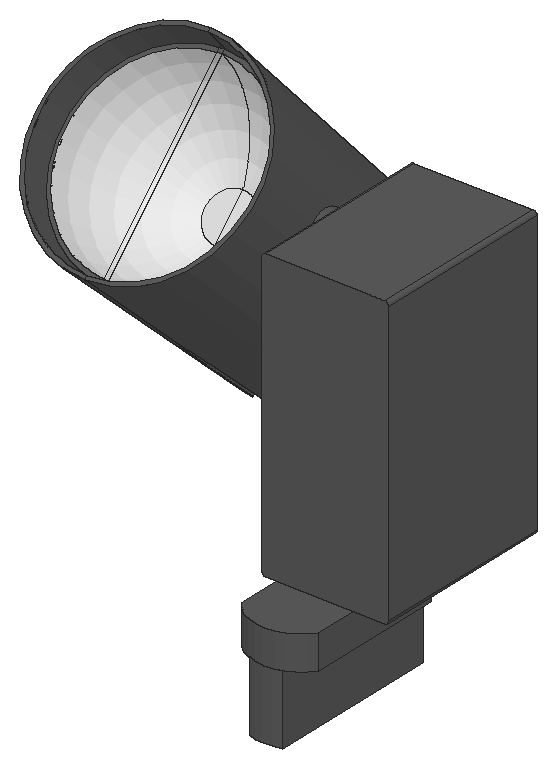
Revit family "0004948 Feilo Sylvania Lighting Fixture START TRACK SPOT S DALI 1352LM 940 WB BLK", category Lighting Fixtures, host Face, Revit 2017 (continued)
Definition of nested family "Start Track Spot Head"
  Types (96, lengths in mm): name | Wattage | built-in parameter 1150134 | Photometric Web File | Model | built-in parameter 1150105 | Lumens | built-in parameter 1150107 | built-in parameter 1150106 | HeadThickness_FEILO | HeadRibOffset_FEILO | HeadRibDepth_FEILO | HeadRibCutWidth_FEILO | HeadRibCutOffset_FEILO | HeadReflectorRadius_FEILO | HeadReflectorOffset_FEILO | HeadLEDRadius_FEILO | HeadHeight_FEILO | HeadDiffusorOffset_FEILO | HeadDiaOut_FEILO | HeadDiaIn_FEILO | HeadAxisFromTop_FEILO | Emit from Circle Diameter | built-in parameter 1150104 | Description | Apparent Load
    0004864 START TRACK SPOT S 24W 3K RA90 WB WHITE | 24 W | (empty or 0) | "0004864.ies" | "START TRACK SPOT S 24W 3K RA90 WB WHITE" | 152.79 (stored number, unit not read) | 1920 lm | 3000 (stored number, unit not read) | 1.5279 (stored number, unit not read) | 1.5 | 4.179 | 55.714 | 7.167 | 50.87 | 50.588 | 55.714 | 9.556 | 117 | 9.435 | 86 | 77.477 | 69.354 | 77.477 | 7.4322 (stored number, unit not read) | "Integrated LED spotlight, Textured White - RAL9016, compact and minimalist design, ideal for retail applications, die-cast aluminium body, passive cooling heatsink. Beam angle: 64°, color temperature: 3000K , total system power: 24W, total fixture output: 1928 lm, LOR: 100%, colour rendering: Ra: 90 typical, LED Chromaticity: 3 step MacAdam ellipse, lifetime: >50000 hours at L70B50, energy class: A++, A+, A, IR/UV free light source without heat radiation, operating voltage: 220-240V / 50-60Hz, drive current: 600mA, electronic driver, non-dimmable, power factor: 0.95, electrical protection: Class II, Global Track 3 Phase adapter suitable for Global trac 3-circuit tracks, ingress protection rating: IP20, suitable for internal environment only, horizontal rotation: 355°, vertical tilt: 90°, dimensions: Ø86x140x200, weight: 0.966kg." | 24 VA
    0004863 START TRACK SPOT S 24W 3K RA90 MB WHITE | 24 W | (empty or 0) | "0004863.ies" | "START TRACK SPOT S 24W 3K RA90 MB WHITE" | 154.7 (stored number, unit not read) | 1944 lm | 3000 (stored number, unit not read) | 1.547 (stored number, unit not read) | 1.5 | 4.179 | 55.714 | 7.167 | 50.87 | 50.588 | 55.714 | 9.556 | 117 | 9.435 | 86 | 77.477 | 69.354 | 77.477 | 7.5251 (stored number, unit not read) | "Integrated LED spotlight, Textured White - RAL9016, compact and minimalist design, ideal for retail applications, die-cast aluminium body, passive cooling heatsink. Beam angle: 36°, color temperature: 3000K , total system power: 24W, total fixture output: 1944 lm, LOR: 100%, colour rendering: Ra: 90 typical, LED Chromaticity: 3 step MacAdam ellipse, lifetime: >50000 hours at L70B50, energy class: A++, A+, A, IR/UV free light source without heat radiation, operating voltage: 220-240V / 50-60Hz, drive current: 600mA, electronic driver, non-dimmable, power factor: 0.95, electrical protection: Class II, Global Track 3 Phase adapter suitable for Global trac 3-circuit tracks, ingress protection rating: IP20, suitable for internal environment only, horizontal rotation: 355°, vertical tilt: 90°, dimensions: Ø86x140x200, weight: 0.966kg." | 24 VA
    0004862 START TRACK SPOT S 24W 3K RA90 NB WHITE | 24 W | (empty or 0) | "0004862.ies" | "START TRACK SPOT S 24W 3K RA90 NB WHITE" | 158.52 (stored number, unit not read) | 1992 lm | 3000 (stored number, unit not read) | 1.5852 (stored number, unit not read) | 1.5 | 4.179 | 55.714 | 7.167 | 50.87 | 50.588 | 55.714 | 9.556 | 117 | 9.435 | 86 | 77.477 | 69.354 | 77.477 | 7.711 (stored number, unit not read) | "Integrated LED spotlight, Textured White - RAL9016, compact and minimalist design, ideal for retail applications, die-cast aluminium body, passive cooling heatsink. Beam angle: 12°, color temperature: 3000K , total system power: 24W, total fixture output: 1987 lm, LOR: 100%, colour rendering: Ra: 90 typical, LED Chromaticity: 3 step MacAdam ellipse, lifetime: >50000 hours at L70B50, energy class: A++, A+, A, IR/UV free light source without heat radiation, operating voltage: 220-240V / 50-60Hz, drive current: 600mA, electronic driver, non-dimmable, power factor: 0.95, electrical protection: Class II, Global Track 3 Phase adapter suitable for Global trac 3-circuit tracks, ingress protection rating: IP20, suitable for internal environment only, horizontal rotation: 355°, vertical tilt: 90°, dimensions: Ø86x140x200, weight: 0.966kg." | 24 VA
    0004861 START TRACK SPOT S 14W 3K RA90 WB WHITE | 14 W | (empty or 0) | "0004861.ies" | "START TRACK SPOT S 14W 3K RA90 WB WHITE" | 100.27 (stored number, unit not read) | 1260 lm | 3000 (stored number, unit not read) | 1.0027 (stored number, unit not read) | 1.5 | 4.179 | 55.714 | 7.167 | 50.87 | 50.588 | 55.714 | 9.556 | 117 | 9.435 | 86 | 77.477 | 69.354 | 77.477 | 8.3613 (stored number, unit not read) | "Integrated LED spotlight, Textured White - RAL9016, compact and minimalist design, ideal for retail applications, die-cast aluminium body, passive cooling heatsink. Beam angle: 64°, color temperature: 3000K , total system power: 14W, total fixture output: 1262 lm, LOR: 100%, colour rendering: Ra: 90 typical, LED Chromaticity: 3 step MacAdam ellipse, lifetime: >50000 hours at L70B50, energy class: A++, A+, A, IR/UV free light source without heat radiation, operating voltage: 220-240V / 50-60Hz, drive current: 350mA, electronic driver, non-dimmable, power factor: 0.92, electrical protection: Class II, Global Track 3 Phase adapter suitable for Global trac 3-circuit tracks, ingress protection rating: IP20, suitable for internal environment only, horizontal rotation: 355°, vertical tilt: 90°, dimensions: Ø86x140x200, weight: 0.940kg." | 14 VA
    0004860 START TRACK SPOT S 14W 3K RA90 MB WHITE | 14 W | (empty or 0) | "0004860.ies" | "START TRACK SPOT S 14W 3K RA90 MB WHITE" | 100.27 (stored number, unit not read) | 1260 lm | 3000 (stored number, unit not read) | 1.0027 (stored number, unit not read) | 1.5 | 4.179 | 55.714 | 7.167 | 50.87 | 50.588 | 55.714 | 9.556 | 117 | 9.435 | 86 | 77.477 | 69.354 | 77.477 | 8.3613 (stored number, unit not read) | "Integrated LED spotlight, Textured White - RAL9016, compact and minimalist design, ideal for retail applications, die-cast aluminium body, passive cooling heatsink. Beam angle: 36°, color temperature: 3000K , total system power: 14W, total fixture output: 1262 lm, LOR: 100%, colour rendering: Ra: 90 typical, LED Chromaticity: 3 step MacAdam ellipse, lifetime: >50000 hours at L70B50, energy class: A++, A+, A, IR/UV free light source without heat radiation, operating voltage: 220-240V / 50-60Hz, drive current: 350mA, electronic driver, non-dimmable, power factor: 0.92, electrical protection: Class II, Global Track 3 Phase adapter suitable for Global trac 3-circuit tracks, ingress protection rating: IP20, suitable for internal environment only, horizontal rotation: 355°, vertical tilt: 90°, dimensions: Ø86x140x200, weight: 0.940kg." | 14 VA
    0004859 START TRACK SPOT S 14W 3K RA90 NB WHITE | 14 W | (empty or 0) | "0004859.ies" | "START TRACK SPOT S 14W 3K RA90 NB WHITE" | 102.5 (stored number, unit not read) | 1288 lm | 3000 (stored number, unit not read) | 1.025 (stored number, unit not read) | 1.5 | 4.179 | 55.714 | 7.167 | 50.87 | 50.588 | 55.714 | 9.556 | 117 | 9.435 | 86 | 77.477 | 69.354 | 77.477 | 8.5471 (stored number, unit not read) | "Integrated LED spotlight, Textured White - RAL9016, compact and minimalist design, ideal for retail applications, die-cast aluminium body, passive cooling heatsink. Beam angle: 12°, color temperature: 3000K , total system power: 14W, total fixture output: 1284 lm, LOR: 100%, colour rendering: Ra: 90 typical, LED Chromaticity: 3 step MacAdam ellipse, lifetime: >50000 hours at L70B50, energy class: A++, A+, A, IR/UV free light source without heat radiation, operating voltage: 220-240V / 50-60Hz, drive current: 350mA, electronic driver, non-dimmable, power factor: 0.92, electrical protection: Class II, Global Track 3 Phase adapter suitable for Global trac 3-circuit tracks, ingress protection rating: IP20, suitable for internal environment only, horizontal rotation: 355°, vertical tilt: 90°, dimensions: Ø86x140x200, weight: 0.940kg." | 14 VA
    0004858 START TRACK SPOT L 55W 4K RA80 WB BLACK | 55 W | 12 | "0004858.ies" | "START TRACK SPOT L 55W 4K RA80 WB BLACK" | 424.55 (stored number, unit not read) | 5335 lm | 4000 (stored number, unit not read) | 4.2455 (stored number, unit not read) | 2 | 4.429 | 59.048 | 9.417 | 53.913 | 66.471 | 59.048 | 12.556 | 124 | 10 | 113 | 101.802 | 73.503 | 101.802 | 9.0116 (stored number, unit not read) | "Integrated LED spotlight, Textured Black - RAL9005, compact and minimalist design, ideal for retail applications, die-cast aluminium body, passive cooling heatsink. Beam angle: 52°, color temperature: 4000K , total system power: 55W, total fixture output: 5320 lm, LOR: 100%, colour rendering: Ra: 80 typical, LED Chromaticity: 3 step MacAdam ellipse, lifetime: >50000 hours at L70B50, energy class: A++, A+, A, IR/UV free light source without heat radiation, operating voltage: 220-240V / 50-60Hz, drive current: 1400mA, electronic driver, non-dimmable, power factor: 0.96, electrical protection: Class II, Global Track 3 Phase adapter suitable for Global trac 3-circuit tracks, ingress protection rating: IP20, suitable for internal environment only, horizontal rotation: 355°, vertical tilt: 90°, dimensions: Ø113x164x240, weight: 1.398kg." | 55 VA
    0004857 START TRACK SPOT L 55W 4K RA80 MB BLACK | 55 W | 12 | "0004857.ies" | "START TRACK SPOT L 55W 4K RA80 MB BLACK" | 428.92 (stored number, unit not read) | 5390 lm | 4000 (stored number, unit not read) | 4.2892 (stored number, unit not read) | 2 | 4.429 | 59.048 | 9.417 | 53.913 | 66.471 | 59.048 | 12.556 | 124 | 10 | 113 | 101.802 | 73.503 | 101.802 | 9.1045 (stored number, unit not read) | "Integrated LED spotlight, Textured Black - RAL9005, compact and minimalist design, ideal for retail applications, die-cast aluminium body, passive cooling heatsink. Beam angle: 38°, color temperature: 4000K , total system power: 55W, total fixture output: 5378 lm, LOR: 100%, colour rendering: Ra: 80 typical, LED Chromaticity: 3 step MacAdam ellipse, lifetime: >50000 hours at L70B50, energy class: A++, A+, A, IR/UV free light source without heat radiation, operating voltage: 220-240V / 50-60Hz, drive current: 1400mA, electronic driver, non-dimmable, power factor: 0.96, electrical protection: Class II, Global Track 3 Phase adapter suitable for Global trac 3-circuit tracks, ingress protection rating: IP20, suitable for internal environment only, horizontal rotation: 355°, vertical tilt: 90°, dimensions: Ø113x164x240, weight: 1.398kg." | 55 VA
    0004856 START TRACK SPOT L 55W 4K RA80 NB BLACK | 55 W | 12 | "0004856.ies" | "START TRACK SPOT L 55W 4K RA80 NB BLACK" | 433.3 (stored number, unit not read) | 5445 lm | 4000 (stored number, unit not read) | 4.333 (stored number, unit not read) | 2 | 4.429 | 59.048 | 9.417 | 53.913 | 66.471 | 59.048 | 12.556 | 124 | 10 | 113 | 101.802 | 73.503 | 101.802 | 9.1974 (stored number, unit not read) | "Integrated LED spotlight, Textured Black - RAL9005, compact and minimalist design, ideal for retail applications, die-cast aluminium body, passive cooling heatsink. Beam angle: 15°, color temperature: 4000K , total system power: 55W, total fixture output: 5426 lm, LOR: 100%, colour rendering: Ra: 80 typical, LED Chromaticity: 3 step MacAdam ellipse, lifetime: >50000 hours at L70B50, energy class: A++, A+, A, IR/UV free light source without heat radiation, operating voltage: 220-240V / 50-60Hz, drive current: 1400mA, electronic driver, non-dimmable, power factor: 0.96, electrical protection: Class II, Global Track 3 Phase adapter suitable for Global trac 3-circuit tracks, ingress protection rating: IP20, suitable for internal environment only, horizontal rotation: 355°, vertical tilt: 90°, dimensions: Ø113x164x240, weight: 1.398kg." | 55 VA
    0004855 START TRACK SPOT L 35W 4K RA80 WB BLACK | 35 W | 12 | "0004855.ies" | "START TRACK SPOT L 35W 4K RA80 WB BLACK" | 320.3 (stored number, unit not read) | 4025 lm | 4000 (stored number, unit not read) | 3.203 (stored number, unit not read) | 2 | 4.429 | 59.048 | 9.417 | 53.913 | 66.471 | 59.048 | 12.556 | 124 | 10 | 113 | 101.802 | 73.503 | 101.802 | 10.684 (stored number, unit not read) | "Integrated LED spotlight, Textured Black - RAL9005, compact and minimalist design, ideal for retail applications, die-cast aluminium body, passive cooling heatsink. Beam angle: 52°, color temperature: 4000K , total system power: 35W, total fixture output: 4010 lm, LOR: 100%, colour rendering: Ra: 80 typical, LED Chromaticity: 3 step MacAdam ellipse, lifetime: >50000 hours at L70B50, energy class: A++, A+, A, IR/UV free light source without heat radiation, operating voltage: 220-240V / 50-60Hz, drive current: 900mA, electronic driver, non-dimmable, power factor: 0.93, electrical protection: Class II, Global Track 3 Phase adapter suitable for Global trac 3-circuit tracks, ingress protection rating: IP20, suitable for internal environment only, horizontal rotation: 355°, vertical tilt: 90°, dimensions: Ø113x164x240, weight: 1.368kg." | 35 VA
    0004854 START TRACK SPOT L 35W 4K RA80 MB BLACK | 35 W | 12 | "0004854.ies" | "START TRACK SPOT L 35W 4K RA80 MB BLACK" | 320.3 (stored number, unit not read) | 4025 lm | 4000 (stored number, unit not read) | 3.203 (stored number, unit not read) | 2 | 4.429 | 59.048 | 9.417 | 53.913 | 66.471 | 59.048 | 12.556 | 124 | 10 | 113 | 101.802 | 73.503 | 101.802 | 10.684 (stored number, unit not read) | "Integrated LED spotlight, Textured Black - RAL9005, compact and minimalist design, ideal for retail applications, die-cast aluminium body, passive cooling heatsink. Beam angle: 38°, color temperature: 4000K , total system power: 35W, total fixture output: 4017 lm, LOR: 100%, colour rendering: Ra: 80 typical, LED Chromaticity: 3 step MacAdam ellipse, lifetime: >50000 hours at L70B50, energy class: A++, A+, A, IR/UV free light source without heat radiation, operating voltage: 220-240V / 50-60Hz, drive current: 900mA, electronic driver, non-dimmable, power factor: 0.93, electrical protection: Class II, Global Track 3 Phase adapter suitable for Global trac 3-circuit tracks, ingress protection rating: IP20, suitable for internal environment only, horizontal rotation: 355°, vertical tilt: 90°, dimensions: Ø113x164x240, weight: 1.368kg." | 35 VA
    0004853 START TRACK SPOT L 35W 4K RA80 NB BLACK | 35 W | 12 | "0004853.ies" | "START TRACK SPOT L 35W 4K RA80 NB BLACK" | 331.44 (stored number, unit not read) | 4165 lm | 4000 (stored number, unit not read) | 3.3144 (stored number, unit not read) | 2 | 4.429 | 59.048 | 9.417 | 53.913 | 66.471 | 59.048 | 12.556 | 124 | 10 | 113 | 101.802 | 73.503 | 101.802 | 11.055 (stored number, unit not read) | "Integrated LED spotlight, Textured Black - RAL9005, compact and minimalist design, ideal for retail applications, die-cast aluminium body, passive cooling heatsink. Beam angle: 15°, color temperature: 4000K , total system power: 35W, total fixture output: 4174 lm, LOR: 100%, colour rendering: Ra: 80 typical, LED Chromaticity: 3 step MacAdam ellipse, lifetime: >50000 hours at L70B50, energy class: A++, A+, A, IR/UV free light source without heat radiation, operating voltage: 220-240V / 50-60Hz, drive current: 900mA, electronic driver, non-dimmable, power factor: 0.93, electrical protection: Class II, Global Track 3 Phase adapter suitable for Global trac 3-circuit tracks, ingress protection rating: IP20, suitable for internal environment only, horizontal rotation: 355°, vertical tilt: 90°, dimensions: Ø113x164x240, weight: 1.368kg." | 35 VA
    0004852 START TRACK SPOT S 24W 4K RA80 WB BLACK | 24 W | 12 | "0004852.ies" | "START TRACK SPOT S 24W 4K RA80 WB BLACK" | 196.72 (stored number, unit not read) | 2472 lm | 4000 (stored number, unit not read) | 1.9672 (stored number, unit not read) | 1.5 | 4.179 | 55.714 | 7.167 | 50.87 | 50.588 | 55.714 | 9.556 | 117 | 9.435 | 86 | 77.477 | 69.354 | 77.477 | 9.569 (stored number, unit not read) | "Integrated LED spotlight, Textured Black - RAL9005, compact and minimalist design, ideal for retail applications, die-cast aluminium body, passive cooling heatsink. Beam angle: 64°, color temperature: 4000K , total system power: 24W, total fixture output: 2476 lm, LOR: 100%, colour rendering: Ra: 80 typical, LED Chromaticity: 3 step MacAdam ellipse, lifetime: >50000 hours at L70B50, energy class: A++, A+, A, IR/UV free light source without heat radiation, operating voltage: 220-240V / 50-60Hz, drive current: 600mA, electronic driver, non-dimmable, power factor: 0.95, electrical protection: Class II, Global Track 3 Phase adapter suitable for Global trac 3-circuit tracks, ingress protection rating: IP20, suitable for internal environment only, horizontal rotation: 355°, vertical tilt: 90°, dimensions: Ø86x140x200, weight: 0.966kg." | 24 VA
    0004851 START TRACK SPOT S 24W 4K RA80 MB BLACK | 24 W | 12 | "0004851.ies" | "START TRACK SPOT S 24W 4K RA80 MB BLACK" | 198.63 (stored number, unit not read) | 2496 lm | 4000 (stored number, unit not read) | 1.9863 (stored number, unit not read) | 1.5 | 4.179 | 55.714 | 7.167 | 50.87 | 50.588 | 55.714 | 9.556 | 117 | 9.435 | 86 | 77.477 | 69.354 | 77.477 | 9.6619 (stored number, unit not read) | "Integrated LED spotlight, Textured Black - RAL9005, compact and minimalist design, ideal for retail applications, die-cast aluminium body, passive cooling heatsink. Beam angle: 36°, color temperature: 4000K , total system power: 24W, total fixture output: 2487 lm, LOR: 100%, colour rendering: Ra: 80 typical, LED Chromaticity: 3 step MacAdam ellipse, lifetime: >50000 hours at L70B50, energy class: A++, A+, A, IR/UV free light source without heat radiation, operating voltage: 220-240V / 50-60Hz, drive current: 600mA, electronic driver, non-dimmable, power factor: 0.95, electrical protection: Class II, Global Track 3 Phase adapter suitable for Global trac 3-circuit tracks, ingress protection rating: IP20, suitable for internal environment only, horizontal rotation: 355°, vertical tilt: 90°, dimensions: Ø86x140x200, weight: 0.966kg." | 24 VA
    0004850 START TRACK SPOT S 24W 4K RA80 NB BLACK | 24 W | 12 | "0004850.ies" | "START TRACK SPOT S 24W 4K RA80 NB BLACK" | 200.54 (stored number, unit not read) | 2520 lm | 4000 (stored number, unit not read) | 2.0054 (stored number, unit not read) | 1.5 | 4.179 | 55.714 | 7.167 | 50.87 | 50.588 | 55.714 | 9.556 | 117 | 9.435 | 86 | 77.477 | 69.354 | 77.477 | 9.7548 (stored number, unit not read) | "Integrated LED spotlight, Textured Black - RAL9005, compact and minimalist design, ideal for retail applications, die-cast aluminium body, passive cooling heatsink. Beam angle: 12°, color temperature: 4000K , total system power: 24W, total fixture output: 2529 lm, LOR: 100%, colour rendering: Ra: 80 typical, LED Chromaticity: 3 step MacAdam ellipse, lifetime: >50000 hours at L70B50, energy class: A++, A+, A, IR/UV free light source without heat radiation, operating voltage: 220-240V / 50-60Hz, drive current: 600mA, electronic driver, non-dimmable, power factor: 0.95, electrical protection: Class II, Global Track 3 Phase adapter suitable for Global trac 3-circuit tracks, ingress protection rating: IP20, suitable for internal environment only, horizontal rotation: 355°, vertical tilt: 90°, dimensions: Ø86x140x200, weight: 0.966kg." | 24 VA
    0004849 START TRACK SPOT S 14W 4K RA80 WB BLACK | 14 W | 12 | "0004849.ies" | "START TRACK SPOT S 14W 4K RA80 WB BLACK" | 123.66 (stored number, unit not read) | 1554 lm | 4000 (stored number, unit not read) | 1.2366 (stored number, unit not read) | 1.5 | 4.179 | 55.714 | 7.167 | 50.87 | 50.588 | 55.714 | 9.556 | 117 | 9.435 | 86 | 77.477 | 69.354 | 77.477 | 10.312 (stored number, unit not read) | "Integrated LED spotlight, Textured Black - RAL9005, compact and minimalist design, ideal for retail applications, die-cast aluminium body, passive cooling heatsink. Beam angle: 64°, color temperature: 4000K , total system power: 14W, total fixture output: 1558 lm, LOR: 100%, colour rendering: Ra: 80 typical, LED Chromaticity: 3 step MacAdam ellipse, lifetime: >50000 hours at L70B50, energy class: A++, A+, A, IR/UV free light source without heat radiation, operating voltage: 220-240V / 50-60Hz, drive current: 350mA, electronic driver, non-dimmable, power factor: 0.92, electrical protection: Class II, Global Track 3 Phase adapter suitable for Global trac 3-circuit tracks, ingress protection rating: IP20, suitable for internal environment only, horizontal rotation: 355°, vertical tilt: 90°, dimensions: Ø86x140x200, weight: 0.940kg." | 14 VA
    0004848 START TRACK SPOT S 14W 4K RA80 MB BLACK | 14 W | 12 | "0004848.ies" | "START TRACK SPOT S 14W 4K RA80 MB BLACK" | 127.01 (stored number, unit not read) | 1596 lm | 4000 (stored number, unit not read) | 1.2701 (stored number, unit not read) | 1.5 | 4.179 | 55.714 | 7.167 | 50.87 | 50.588 | 55.714 | 9.556 | 117 | 9.435 | 86 | 77.477 | 69.354 | 77.477 | 10.591 (stored number, unit not read) | "Integrated LED spotlight, Textured Black - RAL9005, compact and minimalist design, ideal for retail applications, die-cast aluminium body, passive cooling heatsink. Beam angle: 36°, color temperature: 4000K , total system power: 14W, total fixture output: 1598 lm, LOR: 100%, colour rendering: Ra: 80 typical, LED Chromaticity: 3 step MacAdam ellipse, lifetime: >50000 hours at L70B50, energy class: A++, A+, A, IR/UV free light source without heat radiation, operating voltage: 220-240V / 50-60Hz, drive current: 350mA, electronic driver, non-dimmable, power factor: 0.92, electrical protection: Class II, Global Track 3 Phase adapter suitable for Global trac 3-circuit tracks, ingress protection rating: IP20, suitable for internal environment only, horizontal rotation: 355°, vertical tilt: 90°, dimensions: Ø86x140x200, weight: 0.940kg." | 14 VA
    0004847 START TRACK SPOT S 14W 4K RA80 NB BLACK | 14 W | 12 | "0004847.ies" | "START TRACK SPOT S 14W 4K RA80 NB BLACK" | 128.12 (stored number, unit not read) | 1610 lm | 4000 (stored number, unit not read) | 1.2812 (stored number, unit not read) | 1.5 | 4.179 | 55.714 | 7.167 | 50.87 | 50.588 | 55.714 | 9.556 | 117 | 9.435 | 86 | 77.477 | 69.354 | 77.477 | 10.684 (stored number, unit not read) | "Integrated LED spotlight, Textured Black - RAL9005, compact and minimalist design, ideal for retail applications, die-cast aluminium body, passive cooling heatsink. Beam angle: 12°, color temperature: 4000K , total system power: 14W, total fixture output: 1608 lm, LOR: 100%, colour rendering: Ra: 80 typical, LED Chromaticity: 3 step MacAdam ellipse, lifetime: >50000 hours at L70B50, energy class: A++, A+, A, IR/UV free light source without heat radiation, operating voltage: 220-240V / 50-60Hz, drive current: 350mA, electronic driver, non-dimmable, power factor: 0.92, electrical protection: Class II, Global Track 3 Phase adapter suitable for Global trac 3-circuit tracks, ingress protection rating: IP20, suitable for internal environment only, horizontal rotation: 355°, vertical tilt: 90°, dimensions: Ø86x140x200, weight: 0.940kg." | 14 VA
    0004846 START TRACK SPOT L 55W 3K RA80 WB BLACK | 55 W | (empty or 0) | "0004846.ies" | "START TRACK SPOT L 55W 3K RA80 WB BLACK" | 420.17 (stored number, unit not read) | 5280 lm | 3000 (stored number, unit not read) | 4.2017 (stored number, unit not read) | 2 | 4.429 | 59.048 | 9.417 | 53.913 | 66.471 | 59.048 | 12.556 | 124 | 10 | 113 | 101.802 | 73.503 | 101.802 | 8.9187 (stored number, unit not read) | "Integrated LED spotlight, Textured Black - RAL9005, compact and minimalist design, ideal for retail applications, die-cast aluminium body, passive cooling heatsink. Beam angle: 52°, color temperature: 3000K , total system power: 55W, total fixture output: 5298 lm, LOR: 100%, colour rendering: Ra: 80 typical, LED Chromaticity: 3 step MacAdam ellipse, lifetime: >50000 hours at L70B50, energy class: A++, A+, A, IR/UV free light source without heat radiation, operating voltage: 220-240V / 50-60Hz, drive current: 1400mA, electronic driver, non-dimmable, power factor: 0.96, electrical protection: Class II, Global Track 3 Phase adapter suitable for Global trac 3-circuit tracks, ingress protection rating: IP20, suitable for internal environment only, horizontal rotation: 355°, vertical tilt: 90°, dimensions: Ø113x164x240, weight: 1.398kg." | 55 VA
    0004845 START TRACK SPOT L 55W 3K RA80 MB BLACK | 55 W | (empty or 0) | "0004845.ies" | "START TRACK SPOT L 55W 3K RA80 MB BLACK" | 428.92 (stored number, unit not read) | 5390 lm | 3000 (stored number, unit not read) | 4.2892 (stored number, unit not read) | 2 | 4.429 | 59.048 | 9.417 | 53.913 | 66.471 | 59.048 | 12.556 | 124 | 10 | 113 | 101.802 | 73.503 | 101.802 | 9.1045 (stored number, unit not read) | "Integrated LED spotlight, Textured Black - RAL9005, compact and minimalist design, ideal for retail applications, die-cast aluminium body, passive cooling heatsink. Beam angle: 38°, color temperature: 3000K , total system power: 55W, total fixture output: 5381 lm, LOR: 100%, colour rendering: Ra: 80 typical, LED Chromaticity: 3 step MacAdam ellipse, lifetime: >50000 hours at L70B50, energy class: A++, A+, A, IR/UV free light source without heat radiation, operating voltage: 220-240V / 50-60Hz, drive current: 1400mA, electronic driver, non-dimmable, power factor: 0.96, electrical protection: Class II, Global Track 3 Phase adapter suitable for Global trac 3-circuit tracks, ingress protection rating: IP20, suitable for internal environment only, horizontal rotation: 355°, vertical tilt: 90°, dimensions: Ø113x164x240, weight: 1.398kg." | 55 VA
    0004844 START TRACK SPOT L 55W 3K RA80 NB BLACK | 55 W | (empty or 0) | "0004844.ies" | "START TRACK SPOT L 55W 3K RA80 NB BLACK" | 433.3 (stored number, unit not read) | 5445 lm | 3000 (stored number, unit not read) | 4.333 (stored number, unit not read) | 2 | 4.429 | 59.048 | 9.417 | 53.913 | 66.471 | 59.048 | 12.556 | 124 | 10 | 113 | 101.802 | 73.503 | 101.802 | 9.1974 (stored number, unit not read) | "Integrated LED spotlight, Textured Black - RAL9005, compact and minimalist design, ideal for retail applications, die-cast aluminium body, passive cooling heatsink. Beam angle: 15°, color temperature: 3000K , total system power: 55W, total fixture output: 5449 lm, LOR: 100%, colour rendering: Ra: 80 typical, LED Chromaticity: 3 step MacAdam ellipse, lifetime: >50000 hours at L70B50, energy class: A++, A+, A, IR/UV free light source without heat radiation, operating voltage: 220-240V / 50-60Hz, drive current: 1400mA, electronic driver, non-dimmable, power factor: 0.96, electrical protection: Class II, Global Track 3 Phase adapter suitable for Global trac 3-circuit tracks, ingress protection rating: IP20, suitable for internal environment only, horizontal rotation: 355°, vertical tilt: 90°, dimensions: Ø113x164x240, weight: 1.398kg." | 55 VA
    0004843 START TRACK SPOT L 35W 3K RA80 WB BLACK | 35 W | (empty or 0) | "0004843.ies" | "START TRACK SPOT L 35W 3K RA80 WB BLACK" | 314.73 (stored number, unit not read) | 3955 lm | 3000 (stored number, unit not read) | 3.1473 (stored number, unit not read) | 2 | 4.429 | 59.048 | 9.417 | 53.913 | 66.471 | 59.048 | 12.556 | 124 | 10 | 113 | 101.802 | 73.503 | 101.802 | 10.498 (stored number, unit not read) | "Integrated LED spotlight, Textured Black - RAL9005, compact and minimalist design, ideal for retail applications, die-cast aluminium body, passive cooling heatsink. Beam angle: 52°, color temperature: 3000K , total system power: 35W, total fixture output: 3943 lm, LOR: 100%, colour rendering: Ra: 80 typical, LED Chromaticity: 3 step MacAdam ellipse, lifetime: >50000 hours at L70B50, energy class: A++, A+, A, IR/UV free light source without heat radiation, operating voltage: 220-240V / 50-60Hz, drive current: 900mA, electronic driver, non-dimmable, power factor: 0.93, electrical protection: Class II, Global Track 3 Phase adapter suitable for Global trac 3-circuit tracks, ingress protection rating: IP20, suitable for internal environment only, horizontal rotation: 355°, vertical tilt: 90°, dimensions: Ø113x164x240, weight: 1.368kg." | 35 VA
    0004842 START TRACK SPOT L 35W 3K RA80 MB BLACK | 35 W | (empty or 0) | "0004842.ies" | "START TRACK SPOT L 35W 3K RA80 MB BLACK" | 320.3 (stored number, unit not read) | 4025 lm | 3000 (stored number, unit not read) | 3.203 (stored number, unit not read) | 2 | 4.429 | 59.048 | 9.417 | 53.913 | 66.471 | 59.048 | 12.556 | 124 | 10 | 113 | 101.802 | 73.503 | 101.802 | 10.684 (stored number, unit not read) | "Integrated LED spotlight, Textured Black - RAL9005, compact and minimalist design, ideal for retail applications, die-cast aluminium body, passive cooling heatsink. Beam angle: 38°, color temperature: 3000K , total system power: 35W, total fixture output: 4008 lm, LOR: 100%, colour rendering: Ra: 80 typical, LED Chromaticity: 3 step MacAdam ellipse, lifetime: >50000 hours at L70B50, energy class: A++, A+, A, IR/UV free light source without heat radiation, operating voltage: 220-240V / 50-60Hz, drive current: 900mA, electronic driver, non-dimmable, power factor: 0.93, electrical protection: Class II, Global Track 3 Phase adapter suitable for Global trac 3-circuit tracks, ingress protection rating: IP20, suitable for internal environment only, horizontal rotation: 355°, vertical tilt: 90°, dimensions: Ø113x164x240, weight: 1.368kg." | 35 VA
    0004841 START TRACK SPOT L 35W 3K RA80 NB BLACK | 35 W | (empty or 0) | "0004841.ies" | "START TRACK SPOT L 35W 3K RA80 NB BLACK" | 317.51 (stored number, unit not read) | 3990 lm | 3000 (stored number, unit not read) | 3.1751 (stored number, unit not read) | 2 | 4.429 | 59.048 | 9.417 | 53.913 | 66.471 | 59.048 | 12.556 | 124 | 10 | 113 | 101.802 | 73.503 | 101.802 | 10.591 (stored number, unit not read) | "Integrated LED spotlight, Textured Black - RAL9005, compact and minimalist design, ideal for retail applications, die-cast aluminium body, passive cooling heatsink. Beam angle: 15°, color temperature: 3000K , total system power: 35W, total fixture output: 4005 lm, LOR: 100%, colour rendering: Ra: 80 typical, LED Chromaticity: 3 step MacAdam ellipse, lifetime: >50000 hours at L70B50, energy class: A++, A+, A, IR/UV free light source without heat radiation, operating voltage: 220-240V / 50-60Hz, drive current: 900mA, electronic driver, non-dimmable, power factor: 0.93, electrical protection: Class II, Global Track 3 Phase adapter suitable for Global trac 3-circuit tracks, ingress protection rating: IP20, suitable for internal environment only, horizontal rotation: 355°, vertical tilt: 90°, dimensions: Ø113x164x240, weight: 1.368kg." | 35 VA
    0004840 START TRACK SPOT S 24W 3K RA80 WB BLACK | 24 W | (empty or 0) | "0004840.ies" | "START TRACK SPOT S 24W 3K RA80 WB BLACK" | 185.26 (stored number, unit not read) | 2328 lm | 3000 (stored number, unit not read) | 1.8526 (stored number, unit not read) | 1.5 | 4.179 | 55.714 | 7.167 | 50.87 | 50.588 | 55.714 | 9.556 | 117 | 9.435 | 86 | 77.477 | 69.354 | 77.477 | 9.0116 (stored number, unit not read) | "Integrated LED spotlight, Textured Black - RAL9005, compact and minimalist design, ideal for retail applications, die-cast aluminium body, passive cooling heatsink. Beam angle: 64°, color temperature: 3000K , total system power: 24W, total fixture output: 2318 lm, LOR: 100%, colour rendering: Ra: 80 typical, LED Chromaticity: 3 step MacAdam ellipse, lifetime: >50000 hours at L70B50, energy class: A++, A+, A, IR/UV free light source without heat radiation, operating voltage: 220-240V / 50-60Hz, drive current: 600mA, electronic driver, non-dimmable, power factor: 0.95, electrical protection: Class II, Global Track 3 Phase adapter suitable for Global trac 3-circuit tracks, ingress protection rating: IP20, suitable for internal environment only, horizontal rotation: 355°, vertical tilt: 90°, dimensions: Ø86x140x200, weight: 0.966kg." | 24 VA
    0004839 START TRACK SPOT S 24W 3K RA80 MB BLACK | 24 W | (empty or 0) | "0004839.ies" | "START TRACK SPOT S 24W 3K RA80 MB BLACK" | 183.35 (stored number, unit not read) | 2304 lm | 3000 (stored number, unit not read) | 1.8335 (stored number, unit not read) | 1.5 | 4.179 | 55.714 | 7.167 | 50.87 | 50.588 | 55.714 | 9.556 | 117 | 9.435 | 86 | 77.477 | 69.354 | 77.477 | 8.9187 (stored number, unit not read) | "Integrated LED spotlight, Textured Black - RAL9005, compact and minimalist design, ideal for retail applications, die-cast aluminium body, passive cooling heatsink. Beam angle: 36°, color temperature: 3000K , total system power: 24W, total fixture output: 2314 lm, LOR: 100%, colour rendering: Ra: 80 typical, LED Chromaticity: 3 step MacAdam ellipse, lifetime: >50000 hours at L70B50, energy class: A++, A+, A, IR/UV free light source without heat radiation, operating voltage: 220-240V / 50-60Hz, drive current: 600mA, electronic driver, non-dimmable, power factor: 0.95, electrical protection: Class II, Global Track 3 Phase adapter suitable for Global trac 3-circuit tracks, ingress protection rating: IP20, suitable for internal environment only, horizontal rotation: 355°, vertical tilt: 90°, dimensions: Ø86x140x200, weight: 0.966kg." | 24 VA
    0004838 START TRACK SPOT S 24W 3K RA80 NB BLACK | 24 W | (empty or 0) | "0004838.ies" | "START TRACK SPOT S 24W 3K RA80 NB BLACK" | 185.26 (stored number, unit not read) | 2328 lm | 3000 (stored number, unit not read) | 1.8526 (stored number, unit not read) | 1.5 | 4.179 | 55.714 | 7.167 | 50.87 | 50.588 | 55.714 | 9.556 | 117 | 9.435 | 86 | 77.477 | 69.354 | 77.477 | 9.0116 (stored number, unit not read) | "Integrated LED spotlight, Textured Black - RAL9005, compact and minimalist design, ideal for retail applications, die-cast aluminium body, passive cooling heatsink. Beam angle: 12°, color temperature: 3000K , total system power: 24W, total fixture output: 2334 lm, LOR: 100%, colour rendering: Ra: 80 typical, LED Chromaticity: 3 step MacAdam ellipse, lifetime: >50000 hours at L70B50, energy class: A++, A+, A, IR/UV free light source without heat radiation, operating voltage: 220-240V / 50-60Hz, drive current: 600mA, electronic driver, non-dimmable, power factor: 0.95, electrical protection: Class II, Global Track 3 Phase adapter suitable for Global trac 3-circuit tracks, ingress protection rating: IP20, suitable for internal environment only, horizontal rotation: 355°, vertical tilt: 90°, dimensions: Ø86x140x200, weight: 0.966kg." | 24 VA
    0004837 START TRACK SPOT S 14W 3K RA80 WB BLACK | 14 W | (empty or 0) | "0004837.ies" | "START TRACK SPOT S 14W 3K RA80 WB BLACK" | 119.21 (stored number, unit not read) | 1498 lm | 3000 (stored number, unit not read) | 1.1921 (stored number, unit not read) | 1.5 | 4.179 | 55.714 | 7.167 | 50.87 | 50.588 | 55.714 | 9.556 | 117 | 9.435 | 86 | 77.477 | 69.354 | 77.477 | 9.9406 (stored number, unit not read) | "Integrated LED spotlight, Textured Black - RAL9005, compact and minimalist design, ideal for retail applications, die-cast aluminium body, passive cooling heatsink. Beam angle: 64°, color temperature: 3000K , total system power: 14W, total fixture output: 1498 lm, LOR: 100%, colour rendering: Ra: 80 typical, LED Chromaticity: 3 step MacAdam ellipse, lifetime: >50000 hours at L70B50, energy class: A++, A+, A, IR/UV free light source without heat radiation, operating voltage: 220-240V / 50-60Hz, drive current: 350mA, electronic driver, non-dimmable, power factor: 0.92, electrical protection: Class II, Global Track 3 Phase adapter suitable for Global trac 3-circuit tracks, ingress protection rating: IP20, suitable for internal environment only, horizontal rotation: 355°, vertical tilt: 90°, dimensions: Ø86x140x200, weight: 0.940kg." | 14 VA
    0004836 START TRACK SPOT S 14W 3K RA80 MB BLACK | 14 W | (empty or 0) | "0004836.ies" | "START TRACK SPOT S 14W 3K RA80 MB BLACK" | 120.32 (stored number, unit not read) | 1512 lm | 3000 (stored number, unit not read) | 1.2032 (stored number, unit not read) | 1.5 | 4.179 | 55.714 | 7.167 | 50.87 | 50.588 | 55.714 | 9.556 | 117 | 9.435 | 86 | 77.477 | 69.354 | 77.477 | 10.034 (stored number, unit not read) | "Integrated LED spotlight, Textured Black - RAL9005, compact and minimalist design, ideal for retail applications, die-cast aluminium body, passive cooling heatsink. Beam angle: 36°, color temperature: 3000K , total system power: 14W, total fixture output: 1508 lm, LOR: 100%, colour rendering: Ra: 80 typical, LED Chromaticity: 3 step MacAdam ellipse, lifetime: >50000 hours at L70B50, energy class: A++, A+, A, IR/UV free light source without heat radiation, operating voltage: 220-240V / 50-60Hz, drive current: 350mA, electronic driver, non-dimmable, power factor: 0.92, electrical protection: Class II, Global Track 3 Phase adapter suitable for Global trac 3-circuit tracks, ingress protection rating: IP20, suitable for internal environment only, horizontal rotation: 355°, vertical tilt: 90°, dimensions: Ø86x140x200, weight: 0.940kg." | 14 VA
    0004835 START TRACK SPOT S 14W 3K RA80 NB BLACK | 14 W | (empty or 0) | "0004835.ies" | "START TRACK SPOT S 14W 3K RA80 NB BLACK" | 123.66 (stored number, unit not read) | 1554 lm | 3000 (stored number, unit not read) | 1.2366 (stored number, unit not read) | 1.5 | 4.179 | 55.714 | 7.167 | 50.87 | 50.588 | 55.714 | 9.556 | 117 | 9.435 | 86 | 77.477 | 69.354 | 77.477 | 10.312 (stored number, unit not read) | "Integrated LED spotlight, Textured Black - RAL9005, compact and minimalist design, ideal for retail applications, die-cast aluminium body, passive cooling heatsink. Beam angle: 12°, color temperature: 3000K , total system power: 14W, total fixture output: 1551 lm, LOR: 100%, colour rendering: Ra: 80 typical, LED Chromaticity: 3 step MacAdam ellipse, lifetime: >50000 hours at L70B50, energy class: A++, A+, A, IR/UV free light source without heat radiation, operating voltage: 220-240V / 50-60Hz, drive current: 350mA, electronic driver, non-dimmable, power factor: 0.92, electrical protection: Class II, Global Track 3 Phase adapter suitable for Global trac 3-circuit tracks, ingress protection rating: IP20, suitable for internal environment only, horizontal rotation: 355°, vertical tilt: 90°, dimensions: Ø86x140x200, weight: 0.940kg." | 14 VA
    0004834 START TRACK SPOT L 55W 4K RA80 WB WHITE | 55 W | 12 | "0004834.ies" | "START TRACK SPOT L 55W 4K RA80 WB WHITE" | 424.55 (stored number, unit not read) | 5335 lm | 4000 (stored number, unit not read) | 4.2455 (stored number, unit not read) | 2 | 4.429 | 59.048 | 9.417 | 53.913 | 66.471 | 59.048 | 12.556 | 124 | 10 | 113 | 101.802 | 73.503 | 101.802 | 9.0116 (stored number, unit not read) | "Integrated LED spotlight, Textured White - RAL9016, compact and minimalist design, ideal for retail applications, die-cast aluminium body, passive cooling heatsink. Beam angle: 52°, color temperature: 4000K , total system power: 55W, total fixture output: 5320 lm, LOR: 100%, colour rendering: Ra: 80 typical, LED Chromaticity: 3 step MacAdam ellipse, lifetime: >50000 hours at L70B50, energy class: A++, A+, A, IR/UV free light source without heat radiation, operating voltage: 220-240V / 50-60Hz, drive current: 1400mA, electronic driver, non-dimmable, power factor: 0.96, electrical protection: Class II, Global Track 3 Phase adapter suitable for Global trac 3-circuit tracks, ingress protection rating: IP20, suitable for internal environment only, horizontal rotation: 355°, vertical tilt: 90°, dimensions: Ø113x164x240, weight: 1.398kg." | 55 VA
    0004833 START TRACK SPOT L 55W 4K RA80 MB WHITE | 55 W | 12 | "0004833.ies" | "START TRACK SPOT L 55W 4K RA80 MB WHITE" | 428.92 (stored number, unit not read) | 5390 lm | 4000 (stored number, unit not read) | 4.2892 (stored number, unit not read) | 2 | 4.429 | 59.048 | 9.417 | 53.913 | 66.471 | 59.048 | 12.556 | 124 | 10 | 113 | 101.802 | 73.503 | 101.802 | 9.1045 (stored number, unit not read) | "Integrated LED spotlight, Textured White - RAL9016, compact and minimalist design, ideal for retail applications, die-cast aluminium body, passive cooling heatsink. Beam angle: 38°, color temperature: 4000K , total system power: 55W, total fixture output: 5378 lm, LOR: 100%, colour rendering: Ra: 80 typical, LED Chromaticity: 3 step MacAdam ellipse, lifetime: >50000 hours at L70B50, energy class: A++, A+, A, IR/UV free light source without heat radiation, operating voltage: 220-240V / 50-60Hz, drive current: 1400mA, electronic driver, non-dimmable, power factor: 0.96, electrical protection: Class II, Global Track 3 Phase adapter suitable for Global trac 3-circuit tracks, ingress protection rating: IP20, suitable for internal environment only, horizontal rotation: 355°, vertical tilt: 90°, dimensions: Ø113x164x240, weight: 1.398kg." | 55 VA
    0004832 START TRACK SPOT L 55W 4K RA80 NB WHITE | 55 W | 12 | "0004832.ies" | "START TRACK SPOT L 55W 4K RA80 NB WHITE" | 433.3 (stored number, unit not read) | 5445 lm | 4000 (stored number, unit not read) | 4.333 (stored number, unit not read) | 2 | 4.429 | 59.048 | 9.417 | 53.913 | 66.471 | 59.048 | 12.556 | 124 | 10 | 113 | 101.802 | 73.503 | 101.802 | 9.1974 (stored number, unit not read) | "Integrated LED spotlight, Textured White - RAL9016, compact and minimalist design, ideal for retail applications, die-cast aluminium body, passive cooling heatsink. Beam angle: 15°, color temperature: 4000K , total system power: 55W, total fixture output: 5426 lm, LOR: 100%, colour rendering: Ra: 80 typical, LED Chromaticity: 3 step MacAdam ellipse, lifetime: >50000 hours at L70B50, energy class: A++, A+, A, IR/UV free light source without heat radiation, operating voltage: 220-240V / 50-60Hz, drive current: 1400mA, electronic driver, non-dimmable, power factor: 0.96, electrical protection: Class II, Global Track 3 Phase adapter suitable for Global trac 3-circuit tracks, ingress protection rating: IP20, suitable for internal environment only, horizontal rotation: 355°, vertical tilt: 90°, dimensions: Ø113x164x240, weight: 1.398kg." | 55 VA
    0004831 START TRACK SPOT L 35W 4K RA80 WB WHITE | 35 W | 12 | "0004831.ies" | "START TRACK SPOT L 35W 4K RA80 WB WHITE" | 320.3 (stored number, unit not read) | 4025 lm | 4000 (stored number, unit not read) | 3.203 (stored number, unit not read) | 2 | 4.429 | 59.048 | 9.417 | 53.913 | 66.471 | 59.048 | 12.556 | 124 | 10 | 113 | 101.802 | 73.503 | 101.802 | 10.684 (stored number, unit not read) | "Integrated LED spotlight, Textured White - RAL9016, compact and minimalist design, ideal for retail applications, die-cast aluminium body, passive cooling heatsink. Beam angle: 52°, color temperature: 4000K , total system power: 35W, total fixture output: 4010 lm, LOR: 100%, colour rendering: Ra: 80 typical, LED Chromaticity: 3 step MacAdam ellipse, lifetime: >50000 hours at L70B50, energy class: A++, A+, A, IR/UV free light source without heat radiation, operating voltage: 220-240V / 50-60Hz, drive current: 900mA, electronic driver, non-dimmable, power factor: 0.93, electrical protection: Class II, Global Track 3 Phase adapter suitable for Global trac 3-circuit tracks, ingress protection rating: IP20, suitable for internal environment only, horizontal rotation: 355°, vertical tilt: 90°, dimensions: Ø113x164x240, weight: 1.368kg." | 35 VA
    0004830 START TRACK SPOT L 35W 4K RA80 MB WHITE | 35 W | 12 | "0004830.ies" | "START TRACK SPOT L 35W 4K RA80 MB WHITE" | 320.3 (stored number, unit not read) | 4025 lm | 4000 (stored number, unit not read) | 3.203 (stored number, unit not read) | 2 | 4.429 | 59.048 | 9.417 | 53.913 | 66.471 | 59.048 | 12.556 | 124 | 10 | 113 | 101.802 | 73.503 | 101.802 | 10.684 (stored number, unit not read) | "Integrated LED spotlight, Textured White - RAL9016, compact and minimalist design, ideal for retail applications, die-cast aluminium body, passive cooling heatsink. Beam angle: 38°, color temperature: 4000K , total system power: 35W, total fixture output: 4017 lm, LOR: 100%, colour rendering: Ra: 80 typical, LED Chromaticity: 3 step MacAdam ellipse, lifetime: >50000 hours at L70B50, energy class: A++, A+, A, IR/UV free light source without heat radiation, operating voltage: 220-240V / 50-60Hz, drive current: 900mA, electronic driver, non-dimmable, power factor: 0.93, electrical protection: Class II, Global Track 3 Phase adapter suitable for Global trac 3-circuit tracks, ingress protection rating: IP20, suitable for internal environment only, horizontal rotation: 355°, vertical tilt: 90°, dimensions: Ø113x164x240, weight: 1.368kg." | 35 VA
    0004829 START TRACK SPOT L 35W 4K RA80 NB WHITE | 35 W | 12 | "0004829.ies" | "START TRACK SPOT L 35W 4K RA80 NB WHITE" | 331.44 (stored number, unit not read) | 4165 lm | 4000 (stored number, unit not read) | 3.3144 (stored number, unit not read) | 2 | 4.429 | 59.048 | 9.417 | 53.913 | 66.471 | 59.048 | 12.556 | 124 | 10 | 113 | 101.802 | 73.503 | 101.802 | 11.055 (stored number, unit not read) | "Integrated LED spotlight, Textured White - RAL9016, compact and minimalist design, ideal for retail applications, die-cast aluminium body, passive cooling heatsink. Beam angle: 15°, color temperature: 4000K , total system power: 35W, total fixture output: 4174 lm, LOR: 100%, colour rendering: Ra: 80 typical, LED Chromaticity: 3 step MacAdam ellipse, lifetime: >50000 hours at L70B50, energy class: A++, A+, A, IR/UV free light source without heat radiation, operating voltage: 220-240V / 50-60Hz, drive current: 900mA, electronic driver, non-dimmable, power factor: 0.93, electrical protection: Class II, Global Track 3 Phase adapter suitable for Global trac 3-circuit tracks, ingress protection rating: IP20, suitable for internal environment only, horizontal rotation: 355°, vertical tilt: 90°, dimensions: Ø113x164x240, weight: 1.368kg." | 35 VA
    0004828 START TRACK SPOT S 24W 4K RA80 WB WHITE | 24 W | 12 | "0004828.ies" | "START TRACK SPOT S 24W 4K RA80 WB WHITE" | 196.72 (stored number, unit not read) | 2472 lm | 4000 (stored number, unit not read) | 1.9672 (stored number, unit not read) | 1.5 | 4.179 | 55.714 | 7.167 | 50.87 | 50.588 | 55.714 | 9.556 | 117 | 9.435 | 86 | 77.477 | 69.354 | 77.477 | 9.569 (stored number, unit not read) | "Integrated LED spotlight, Textured White - RAL9016, compact and minimalist design, ideal for retail applications, die-cast aluminium body, passive cooling heatsink. Beam angle: 64°, color temperature: 4000K , total system power: 24W, total fixture output: 2476 lm, LOR: 100%, colour rendering: Ra: 80 typical, LED Chromaticity: 3 step MacAdam ellipse, lifetime: >50000 hours at L70B50, energy class: A++, A+, A, IR/UV free light source without heat radiation, operating voltage: 220-240V / 50-60Hz, drive current: 600mA, electronic driver, non-dimmable, power factor: 0.95, electrical protection: Class II, Global Track 3 Phase adapter suitable for Global trac 3-circuit tracks, ingress protection rating: IP20, suitable for internal environment only, horizontal rotation: 355°, vertical tilt: 90°, dimensions: Ø86x140x200, weight: 0.966kg." | 24 VA
    0004827 START TRACK SPOT S 24W 4K RA80 MB WHITE | 24 W | 12 | "0004827.ies" | "START TRACK SPOT S 24W 4K RA80 MB WHITE" | 198.63 (stored number, unit not read) | 2496 lm | 4000 (stored number, unit not read) | 1.9863 (stored number, unit not read) | 1.5 | 4.179 | 55.714 | 7.167 | 50.87 | 50.588 | 55.714 | 9.556 | 117 | 9.435 | 86 | 77.477 | 69.354 | 77.477 | 9.6619 (stored number, unit not read) | "Integrated LED spotlight, Textured White - RAL9016, compact and minimalist design, ideal for retail applications, die-cast aluminium body, passive cooling heatsink. Beam angle: 36°, color temperature: 4000K , total system power: 24W, total fixture output: 2487 lm, LOR: 100%, colour rendering: Ra: 80 typical, LED Chromaticity: 3 step MacAdam ellipse, lifetime: >50000 hours at L70B50, energy class: A++, A+, A, IR/UV free light source without heat radiation, operating voltage: 220-240V / 50-60Hz, drive current: 600mA, electronic driver, non-dimmable, power factor: 0.95, electrical protection: Class II, Global Track 3 Phase adapter suitable for Global trac 3-circuit tracks, ingress protection rating: IP20, suitable for internal environment only, horizontal rotation: 355°, vertical tilt: 90°, dimensions: Ø86x140x200, weight: 0.966kg." | 24 VA
    0004826 START TRACK SPOT S 24W 4K RA80 NB WHITE | 24 W | 12 | "0004826.ies" | "START TRACK SPOT S 24W 4K RA80 NB WHITE" | 200.54 (stored number, unit not read) | 2520 lm | 4000 (stored number, unit not read) | 2.0054 (stored number, unit not read) | 1.5 | 4.179 | 55.714 | 7.167 | 50.87 | 50.588 | 55.714 | 9.556 | 117 | 9.435 | 86 | 77.477 | 69.354 | 77.477 | 9.7548 (stored number, unit not read) | "Integrated LED spotlight, Textured White - RAL9016, compact and minimalist design, ideal for retail applications, die-cast aluminium body, passive cooling heatsink. Beam angle: 12°, color temperature: 4000K , total system power: 24W, total fixture output: 2529 lm, LOR: 100%, colour rendering: Ra: 80 typical, LED Chromaticity: 3 step MacAdam ellipse, lifetime: >50000 hours at L70B50, energy class: A++, A+, A, IR/UV free light source without heat radiation, operating voltage: 220-240V / 50-60Hz, drive current: 600mA, electronic driver, non-dimmable, power factor: 0.95, electrical protection: Class II, Global Track 3 Phase adapter suitable for Global trac 3-circuit tracks, ingress protection rating: IP20, suitable for internal environment only, horizontal rotation: 355°, vertical tilt: 90°, dimensions: Ø86x140x200, weight: 0.966kg." | 24 VA
    0004825 START TRACK SPOT S 14W 4K RA80 WB WHITE | 14 W | 12 | "0004825.ies" | "START TRACK SPOT S 14W 4K RA80 WB WHITE" | 123.66 (stored number, unit not read) | 1554 lm | 4000 (stored number, unit not read) | 1.2366 (stored number, unit not read) | 1.5 | 4.179 | 55.714 | 7.167 | 50.87 | 50.588 | 55.714 | 9.556 | 117 | 9.435 | 86 | 77.477 | 69.354 | 77.477 | 10.312 (stored number, unit not read) | "Integrated LED spotlight, Textured White - RAL9016, compact and minimalist design, ideal for retail applications, die-cast aluminium body, passive cooling heatsink. Beam angle: 64°, color temperature: 4000K , total system power: 14W, total fixture output: 1558 lm, LOR: 100%, colour rendering: Ra: 80 typical, LED Chromaticity: 3 step MacAdam ellipse, lifetime: >50000 hours at L70B50, energy class: A++, A+, A, IR/UV free light source without heat radiation, operating voltage: 220-240V / 50-60Hz, drive current: 350mA, electronic driver, non-dimmable, power factor: 0.92, electrical protection: Class II, Global Track 3 Phase adapter suitable for Global trac 3-circuit tracks, ingress protection rating: IP20, suitable for internal environment only, horizontal rotation: 355°, vertical tilt: 90°, dimensions: Ø86x140x200, weight: 0.940kg." | 14 VA
    0004824 START TRACK SPOT S 14W 4K RA80 MB WHITE | 14 W | 12 | "0004824.ies" | "START TRACK SPOT S 14W 4K RA80 MB WHITE" | 127.01 (stored number, unit not read) | 1596 lm | 4000 (stored number, unit not read) | 1.2701 (stored number, unit not read) | 1.5 | 4.179 | 55.714 | 7.167 | 50.87 | 50.588 | 55.714 | 9.556 | 117 | 9.435 | 86 | 77.477 | 69.354 | 77.477 | 10.591 (stored number, unit not read) | "Integrated LED spotlight, Textured White - RAL9016, compact and minimalist design, ideal for retail applications, die-cast aluminium body, passive cooling heatsink. Beam angle: 36°, color temperature: 4000K , total system power: 14W, total fixture output: 1598 lm, LOR: 100%, colour rendering: Ra: 80 typical, LED Chromaticity: 3 step MacAdam ellipse, lifetime: >50000 hours at L70B50, energy class: A++, A+, A, IR/UV free light source without heat radiation, operating voltage: 220-240V / 50-60Hz, drive current: 350mA, electronic driver, non-dimmable, power factor: 0.92, electrical protection: Class II, Global Track 3 Phase adapter suitable for Global trac 3-circuit tracks, ingress protection rating: IP20, suitable for internal environment only, horizontal rotation: 355°, vertical tilt: 90°, dimensions: Ø86x140x200, weight: 0.940kg." | 14 VA
    0004823 START TRACK SPOT S 14W 4K RA80 NB WHITE | 14 W | 12 | "0004823.ies" | "START TRACK SPOT S 14W 4K RA80 NB WHITE" | 128.12 (stored number, unit not read) | 1610 lm | 4000 (stored number, unit not read) | 1.2812 (stored number, unit not read) | 1.5 | 4.179 | 55.714 | 7.167 | 50.87 | 50.588 | 55.714 | 9.556 | 117 | 9.435 | 86 | 77.477 | 69.354 | 77.477 | 10.684 (stored number, unit not read) | "Integrated LED spotlight, Textured White - RAL9016, compact and minimalist design, ideal for retail applications, die-cast aluminium body, passive cooling heatsink. Beam angle: 12°, color temperature: 4000K , total system power: 14W, total fixture output: 1608 lm, LOR: 100%, colour rendering: Ra: 80 typical, LED Chromaticity: 3 step MacAdam ellipse, lifetime: >50000 hours at L70B50, energy class: A++, A+, A, IR/UV free light source without heat radiation, operating voltage: 220-240V / 50-60Hz, drive current: 350mA, electronic driver, non-dimmable, power factor: 0.92, electrical protection: Class II, Global Track 3 Phase adapter suitable for Global trac 3-circuit tracks, ingress protection rating: IP20, suitable for internal environment only, horizontal rotation: 355°, vertical tilt: 90°, dimensions: Ø86x140x200, weight: 0.940kg." | 14 VA
    0004822 START TRACK SPOT L 55W 3K RA80 WB WHITE | 55 W | (empty or 0) | "0004822.ies" | "START TRACK SPOT L 55W 3K RA80 WB WHITE" | 420.17 (stored number, unit not read) | 5280 lm | 3000 (stored number, unit not read) | 4.2017 (stored number, unit not read) | 2 | 4.429 | 59.048 | 9.417 | 53.913 | 66.471 | 59.048 | 12.556 | 124 | 10 | 113 | 101.802 | 73.503 | 101.802 | 8.9187 (stored number, unit not read) | "Integrated LED spotlight, Textured White - RAL9016, compact and minimalist design, ideal for retail applications, die-cast aluminium body, passive cooling heatsink. Beam angle: 52°, color temperature: 3000K , total system power: 55W, total fixture output: 5298 lm, LOR: 100%, colour rendering: Ra: 80 typical, LED Chromaticity: 3 step MacAdam ellipse, lifetime: >50000 hours at L70B50, energy class: A++, A+, A, IR/UV free light source without heat radiation, operating voltage: 220-240V / 50-60Hz, drive current: 1400mA, electronic driver, non-dimmable, power factor: 0.96, electrical protection: Class II, Global Track 3 Phase adapter suitable for Global trac 3-circuit tracks, ingress protection rating: IP20, suitable for internal environment only, horizontal rotation: 355°, vertical tilt: 90°, dimensions: Ø113x164x240, weight: 1.398kg." | 55 VA
    0004821 START TRACK SPOT L 55W 3K RA80 MB WHITE | 55 W | (empty or 0) | "0004821.ies" | "START TRACK SPOT L 55W 3K RA80 MB WHITE" | 428.92 (stored number, unit not read) | 5390 lm | 3000 (stored number, unit not read) | 4.2892 (stored number, unit not read) | 2 | 4.429 | 59.048 | 9.417 | 53.913 | 66.471 | 59.048 | 12.556 | 124 | 10 | 113 | 101.802 | 73.503 | 101.802 | 9.1045 (stored number, unit not read) | "Integrated LED spotlight, Textured White - RAL9016, compact and minimalist design, ideal for retail applications, die-cast aluminium body, passive cooling heatsink. Beam angle: 38°, color temperature: 3000K , total system power: 55W, total fixture output: 5381 lm, LOR: 100%, colour rendering: Ra: 80 typical, LED Chromaticity: 3 step MacAdam ellipse, lifetime: >50000 hours at L70B50, energy class: A++, A+, A, IR/UV free light source without heat radiation, operating voltage: 220-240V / 50-60Hz, drive current: 1400mA, electronic driver, non-dimmable, power factor: 0.96, electrical protection: Class II, Global Track 3 Phase adapter suitable for Global trac 3-circuit tracks, ingress protection rating: IP20, suitable for internal environment only, horizontal rotation: 355°, vertical tilt: 90°, dimensions: Ø113x164x240, weight: 1.398kg." | 55 VA
    0004820 START TRACK SPOT L 55W 3K RA80 NB WHITE | 55 W | (empty or 0) | "0004820.ies" | "START TRACK SPOT L 55W 3K RA80 NB WHITE" | 433.3 (stored number, unit not read) | 5445 lm | 3000 (stored number, unit not read) | 4.333 (stored number, unit not read) | 2 | 4.429 | 59.048 | 9.417 | 53.913 | 66.471 | 59.048 | 12.556 | 124 | 10 | 113 | 101.802 | 73.503 | 101.802 | 9.1974 (stored number, unit not read) | "Integrated LED spotlight, Textured White - RAL9016, compact and minimalist design, ideal for retail applications, die-cast aluminium body, passive cooling heatsink. Beam angle: 15°, color temperature: 3000K , total system power: 55W, total fixture output: 5449 lm, LOR: 100%, colour rendering: Ra: 80 typical, LED Chromaticity: 3 step MacAdam ellipse, lifetime: >50000 hours at L70B50, energy class: A++, A+, A, IR/UV free light source without heat radiation, operating voltage: 220-240V / 50-60Hz, drive current: 1400mA, electronic driver, non-dimmable, power factor: 0.96, electrical protection: Class II, Global Track 3 Phase adapter suitable for Global trac 3-circuit tracks, ingress protection rating: IP20, suitable for internal environment only, horizontal rotation: 355°, vertical tilt: 90°, dimensions: Ø113x164x240, weight: 1.398kg." | 55 VA
    0004819 START TRACK SPOT L 35W 3K RA80 WB WHITE | 35 W | (empty or 0) | "0004819.ies" | "START TRACK SPOT L 35W 3K RA80 WB WHITE" | 314.73 (stored number, unit not read) | 3955 lm | 3000 (stored number, unit not read) | 3.1473 (stored number, unit not read) | 2 | 4.429 | 59.048 | 9.417 | 53.913 | 66.471 | 59.048 | 12.556 | 124 | 10 | 113 | 101.802 | 73.503 | 101.802 | 10.498 (stored number, unit not read) | "Integrated LED spotlight, Textured White - RAL9016, compact and minimalist design, ideal for retail applications, die-cast aluminium body, passive cooling heatsink. Beam angle: 52°, color temperature: 3000K , total system power: 35W, total fixture output: 3943 lm, LOR: 100%, colour rendering: Ra: 80 typical, LED Chromaticity: 3 step MacAdam ellipse, lifetime: >50000 hours at L70B50, energy class: A++, A+, A, IR/UV free light source without heat radiation, operating voltage: 220-240V / 50-60Hz, drive current: 900mA, electronic driver, non-dimmable, power factor: 0.93, electrical protection: Class II, Global Track 3 Phase adapter suitable for Global trac 3-circuit tracks, ingress protection rating: IP20, suitable for internal environment only, horizontal rotation: 355°, vertical tilt: 90°, dimensions: Ø113x164x240, weight: 1.368kg." | 35 VA
    0004818 START TRACK SPOT L 35W 3K RA80 MB WHITE | 35 W | (empty or 0) | "0004818.ies" | "START TRACK SPOT L 35W 3K RA80 MB WHITE" | 320.3 (stored number, unit not read) | 4025 lm | 3000 (stored number, unit not read) | 3.203 (stored number, unit not read) | 2 | 4.429 | 59.048 | 9.417 | 53.913 | 66.471 | 59.048 | 12.556 | 124 | 10 | 113 | 101.802 | 73.503 | 101.802 | 10.684 (stored number, unit not read) | "Integrated LED spotlight, Textured White - RAL9016, compact and minimalist design, ideal for retail applications, die-cast aluminium body, passive cooling heatsink. Beam angle: 38°, color temperature: 3000K , total system power: 35W, total fixture output: 4008 lm, LOR: 100%, colour rendering: Ra: 80 typical, LED Chromaticity: 3 step MacAdam ellipse, lifetime: >50000 hours at L70B50, energy class: A++, A+, A, IR/UV free light source without heat radiation, operating voltage: 220-240V / 50-60Hz, drive current: 900mA, electronic driver, non-dimmable, power factor: 0.93, electrical protection: Class II, Global Track 3 Phase adapter suitable for Global trac 3-circuit tracks, ingress protection rating: IP20, suitable for internal environment only, horizontal rotation: 355°, vertical tilt: 90°, dimensions: Ø113x164x240, weight: 1.368kg." | 35 VA
    0004817 START TRACK SPOT L 35W 3K RA80 NB WHITE | 35 W | (empty or 0) | "0004817.ies" | "START TRACK SPOT L 35W 3K RA80 NB WHITE" | 317.51 (stored number, unit not read) | 3990 lm | 3000 (stored number, unit not read) | 3.1751 (stored number, unit not read) | 2 | 4.429 | 59.048 | 9.417 | 53.913 | 66.471 | 59.048 | 12.556 | 124 | 10 | 113 | 101.802 | 73.503 | 101.802 | 10.591 (stored number, unit not read) | "Integrated LED spotlight, Textured White - RAL9016, compact and minimalist design, ideal for retail applications, die-cast aluminium body, passive cooling heatsink. Beam angle: 15°, color temperature: 3000K , total system power: 35W, total fixture output: 4005 lm, LOR: 100%, colour rendering: Ra: 80 typical, LED Chromaticity: 3 step MacAdam ellipse, lifetime: >50000 hours at L70B50, energy class: A++, A+, A, IR/UV free light source without heat radiation, operating voltage: 220-240V / 50-60Hz, drive current: 900mA, electronic driver, non-dimmable, power factor: 0.93, electrical protection: Class II, Global Track 3 Phase adapter suitable for Global trac 3-circuit tracks, ingress protection rating: IP20, suitable for internal environment only, horizontal rotation: 355°, vertical tilt: 90°, dimensions: Ø113x164x240, weight: 1.368kg." | 35 VA
    0004816 START TRACK SPOT S 24W 3K RA80 WB WHITE | 24 W | (empty or 0) | "0004816.ies" | "START TRACK SPOT S 24W 3K RA80 WB WHITE" | 185.26 (stored number, unit not read) | 2328 lm | 3000 (stored number, unit not read) | 1.8526 (stored number, unit not read) | 1.5 | 4.179 | 55.714 | 7.167 | 50.87 | 50.588 | 55.714 | 9.556 | 117 | 9.435 | 86 | 77.477 | 69.354 | 77.477 | 9.0116 (stored number, unit not read) | "Integrated LED spotlight, Textured White - RAL9016, compact and minimalist design, ideal for retail applications, die-cast aluminium body, passive cooling heatsink. Beam angle: 64°, color temperature: 3000K , total system power: 24W, total fixture output: 2318 lm, LOR: 100%, colour rendering: Ra: 80 typical, LED Chromaticity: 3 step MacAdam ellipse, lifetime: >50000 hours at L70B50, energy class: A++, A+, A, IR/UV free light source without heat radiation, operating voltage: 220-240V / 50-60Hz, drive current: 600mA, electronic driver, non-dimmable, power factor: 0.95, electrical protection: Class II, Global Track 3 Phase adapter suitable for Global trac 3-circuit tracks, ingress protection rating: IP20, suitable for internal environment only, horizontal rotation: 355°, vertical tilt: 90°, dimensions: Ø86x140x200, weight: 0.966kg." | 24 VA
    0004815 START TRACK SPOT S 24W 3K RA80 MB WHITE | 24 W | (empty or 0) | "0004815.ies" | "START TRACK SPOT S 24W 3K RA80 MB WHITE" | 183.35 (stored number, unit not read) | 2304 lm | 3000 (stored number, unit not read) | 1.8335 (stored number, unit not read) | 1.5 | 4.179 | 55.714 | 7.167 | 50.87 | 50.588 | 55.714 | 9.556 | 117 | 9.435 | 86 | 77.477 | 69.354 | 77.477 | 8.9187 (stored number, unit not read) | "Integrated LED spotlight, Textured White - RAL9016, compact and minimalist design, ideal for retail applications, die-cast aluminium body, passive cooling heatsink. Beam angle: 36°, color temperature: 3000K , total system power: 24W, total fixture output: 2314 lm, LOR: 100%, colour rendering: Ra: 80 typical, LED Chromaticity: 3 step MacAdam ellipse, lifetime: >50000 hours at L70B50, energy class: A++, A+, A, IR/UV free light source without heat radiation, operating voltage: 220-240V / 50-60Hz, drive current: 600mA, electronic driver, non-dimmable, power factor: 0.95, electrical protection: Class II, Global Track 3 Phase adapter suitable for Global trac 3-circuit tracks, ingress protection rating: IP20, suitable for internal environment only, horizontal rotation: 355°, vertical tilt: 90°, dimensions: Ø86x140x200, weight: 0.966kg." | 24 VA
    0004814 START TRACK SPOT S 24W 3K RA80 NB WHITE | 24 W | (empty or 0) | "0004814.ies" | "START TRACK SPOT S 24W 3K RA80 NB WHITE" | 185.26 (stored number, unit not read) | 2328 lm | 3000 (stored number, unit not read) | 1.8526 (stored number, unit not read) | 1.5 | 4.179 | 55.714 | 7.167 | 50.87 | 50.588 | 55.714 | 9.556 | 117 | 9.435 | 86 | 77.477 | 69.354 | 77.477 | 9.0116 (stored number, unit not read) | "Integrated LED spotlight, Textured White - RAL9016, compact and minimalist design, ideal for retail applications, die-cast aluminium body, passive cooling heatsink. Beam angle: 12°, color temperature: 3000K , total system power: 24W, total fixture output: 2334 lm, LOR: 100%, colour rendering: Ra: 80 typical, LED Chromaticity: 3 step MacAdam ellipse, lifetime: >50000 hours at L70B50, energy class: A++, A+, A, IR/UV free light source without heat radiation, operating voltage: 220-240V / 50-60Hz, drive current: 600mA, electronic driver, non-dimmable, power factor: 0.95, electrical protection: Class II, Global Track 3 Phase adapter suitable for Global trac 3-circuit tracks, ingress protection rating: IP20, suitable for internal environment only, horizontal rotation: 355°, vertical tilt: 90°, dimensions: Ø86x140x200, weight: 0.966kg." | 24 VA
    0004813 START TRACK SPOT S 14W 3K RA80 WB WHITE | 14 W | (empty or 0) | "0004813.ies" | "START TRACK SPOT S 14W 3K RA80 WB WHITE" | 119.21 (stored number, unit not read) | 1498 lm | 3000 (stored number, unit not read) | 1.1921 (stored number, unit not read) | 1.5 | 4.179 | 55.714 | 7.167 | 50.87 | 50.588 | 55.714 | 9.556 | 117 | 9.435 | 86 | 77.477 | 69.354 | 77.477 | 9.9406 (stored number, unit not read) | "Integrated LED spotlight, Textured White - RAL9016, compact and minimalist design, ideal for retail applications, die-cast aluminium body, passive cooling heatsink. Beam angle: 64°, color temperature: 3000K , total system power: 14W, total fixture output: 1498 lm, LOR: 100%, colour rendering: Ra: 80 typical, LED Chromaticity: 3 step MacAdam ellipse, lifetime: >50000 hours at L70B50, energy class: A++, A+, A, IR/UV free light source without heat radiation, operating voltage: 220-240V / 50-60Hz, drive current: 350mA, electronic driver, non-dimmable, power factor: 0.92, electrical protection: Class II, Global Track 3 Phase adapter suitable for Global trac 3-circuit tracks, ingress protection rating: IP20, suitable for internal environment only, horizontal rotation: 355°, vertical tilt: 90°, dimensions: Ø86x140x200, weight: 0.940kg." | 14 VA
